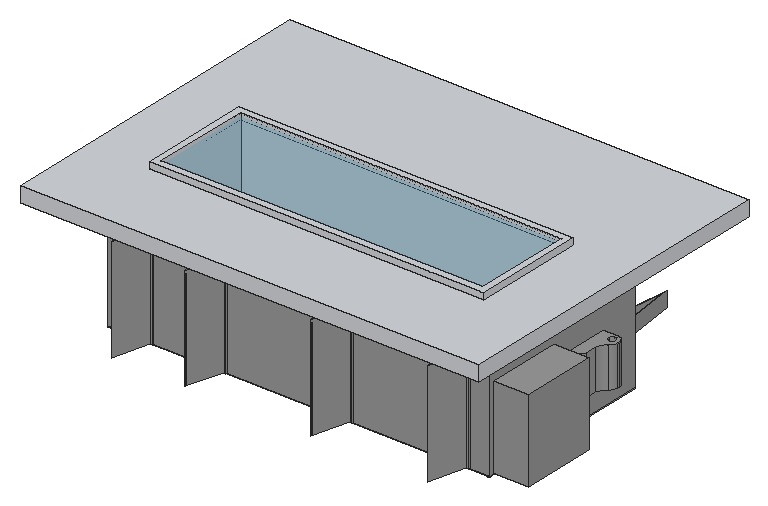
Revit family "TC-Series-WS38-WS54", category Mechanical Equipment, host Face, Revit 2019
Family settings
  Host = Face
  Round Connector Dimension = Use Diameter
  Part Type = Normal
  Cut with Voids When Loaded = Yes
  Shared = Yes
  Room Calculation Point = No
Parameters (values of type "TCWS 54D2")
  UNIT WIDTH = FACE WIDTH + 0' 8"  # 5' - 2 7/16"
  UNIT WEIGHT = 0.00 kgf
  UNIT HEIGHT = 2' - 5 3/4"
  STANDARD CONFORMANCE = ""
  SPECIFICATION = ""
  SALES INFORMATION = ""
  PRODUCT DATA = ""
  MANUFACTURER WEBSITE = ""
  MANUFACTURER PHONE-TOLL FREE = ""
  MANUFACTURER PHONE = ""
  MANUFACTURER FAX = ""
  MANUFACTURER ADDRESS = ""
  INSTALLATION FABRICATION = ""
  HVAC BTU OUTPUT = 0 Btu/h
  HEIGHT FROM GROUND [instance] = 0' - 6"
  flue connection size = 0' - 6"
  STAND OFF HEIGHT = 0' - 6"
  GREEN BUILDING LEED = ""
  FUEL TYPE = ""
  FUEL CNSUMPTION = "AS SPECIFIED"
  FRAME WIDTH = 6' - 2 3/4"
  MIN NON-COMBUSTIBLE FRAMING SUPPLIED [instance] = yes
  FRAME MATERIAL = none
  FRAME HEIGHT = 4' - 7 1/16"
  FACE WIDTH = 4' - 6 7/16"
  FACE HEIGHT = 1' - 6 3/16"
  EFFICIENCY RATING = 0.00%
  Default Elevation = 4' - 0"
  CONSTRUCTION DETAILS = ""
  BUILDING CODES = ""
Types (2): name | UNIT WIDTH | STAND OFF HEIGHT | FUEL CNSUMPTION | FRAME WIDTH | FRAME HEIGHT | FACE WIDTH | FACE HEIGHT
  TCWS 38D2 | 4' - 0 7/16" | 0' - 2" | "" | 5' - 1 5/8" | 3' - 9 1/8" | 3' - 4 7/16" | 1' - 4 3/16"
  TCWS 54D2 | 5' - 2 7/16" | 0' - 6" | "AS SPECIFIED" | 6' - 2 3/4" | 4' - 7 1/16" | 4' - 6 7/16" | 1' - 6 3/16"
Reference planes (in)
  plane 1 "Center (Front/Back)": y = 0
  plane 2: z = 0
  plane 3 "Center (Left/Right)": x = 0
  plane 4 "Face Center": y = 15.09375
  plane 5: y = 6
  plane 6: y = 24.1875
  plane 7: x = 27.21875
  plane 8: x = -27.21875
  plane 9: x = -31.21875
  plane 10: y = 2.375
  plane 11: x = 31.21875
  plane 12: y = 31.8125
  plane 13: y = -3.625
  plane 14: z = -24
  plane 15 "Face": z = -12
  plane 16: z = -13.62235
  plane 17 "Electrical Connection": x = 37.10727
  plane 18: x = 37.375
  plane 19: y = 47.3125
  plane 20: x = -37.375
  plane 21: y = -7.75
Forms (in)
  Extrusion 1, solid, material "Zinc"
    sketch origin (0, 0, 0) x (1, 0, 0) y (0, 1, 0)
      loop
        line (-31.21875, 31.8125) -> (-31.21875, 2.375) -> (31.21875, 2.375) -> (31.21875, 31.8125) -> (-31.21875, 31.8125)
      loop
        line (-27.21875, 24.1875) -> (-27.21875, 6) -> (27.21875, 6) -> (27.21875, 24.1875) -> (-27.21875, 24.1875)
    from -6.5 to -23.375
  Extrusion 2, solid, material "Zinc"
    sketch origin (1.42188, 0, 0) x (1, 0, 0) y (0, 1, 0)
      loop
        line (-28.75064, 2.375) -> (-29.22202, 2.375) -> (-29.22202, 2.24532) -> (-28.80715, 2.24532) -> (-27.21761, -3.625) -> (-25.62806, 2.24532) -> (-25.21319, 2.24532) -> (-25.21319, 2.375) -> (-25.68457, 2.375) -> (-27.21761, -3.42439) -> (-28.75064, 2.375)
      loop
        line (-16.73502, 2.375) -> (-17.2064, 2.375) -> (-17.2064, 2.24532) -> (-16.79153, 2.24532) -> (-15.20198, -3.625) -> (-13.61243, 2.24532) -> (-13.19756, 2.24532) -> (-13.19756, 2.375) -> (-13.66894, 2.375) -> (-15.20198, -3.42439) -> (-16.73502, 2.375)
      loop
        line (25.90299, 2.375) -> (24.36995, -3.42439) -> (22.83691, 2.375) -> (22.36553, 2.375) -> (22.36553, 2.24532) -> (22.7804, 2.24532) -> (24.36995, -3.625) -> (25.9595, 2.24532) -> (26.37436, 2.24532) -> (26.37436, 2.375) -> (25.90299, 2.375)
      loop
        line (6.89908, 2.375) -> (5.36604, -3.42439) -> (3.833, 2.375) -> (3.36163, 2.375) -> (3.36163, 2.24532) -> (3.7765, 2.24532) -> (5.36604, -3.625) -> (6.95559, 2.24532) -> (7.37046, 2.24532) -> (7.37046, 2.375) -> (6.89908, 2.375)
    from -6.5 to -23.375
  Extrusion 3, solid, material "Zinc"
    sketch origin (0, 0, 0) x (1, 0, 0) y (0, 1, 0)
      loop
        line (-31.21875, 31.8125) -> (-31.21875, 2.375) -> (31.21875, 2.375) -> (31.21875, 31.8125) -> (-31.21875, 31.8125)
    from -23.375 to -23.4375
  Extrusion 4, solid
    sketch origin (0, 0, 0) x (1, 0, 0) y (0, 1, 0)
      loop
        line (-27.21875, 24.1875) -> (-27.21875, 6) -> (27.21875, 6) -> (27.21875, 24.1875) -> (-27.21875, 24.1875)
      loop
        line (-26.21875, 23.1875) -> (-26.21875, 7) -> (26.21875, 7) -> (26.21875, 23.1875) -> (-26.21875, 23.1875)
    from -23.375 to 0.5
  Extrusion 5, solid, material "Zinc"
    sketch origin (0, 0, 0) x (1, 0, 0) y (0, 1, 0)
      loop
        line (31.21875, 2.875) -> (37.10727, 2.875) -> (37.10727, 15.09375) -> (31.21875, 15.09375) -> (31.21875, 2.875)
    from -9.625 to -23
  Extrusion 6, solid, material "Zinc"
    sketch origin (-27.95502, 31.8125, -2.84056) x (1, 0, 0) y (0, 0, -1)
      loop
        circle (27.94357, 10.78152) r 5
    from 0 to 0.5
  Extrusion 7, solid, material "Zinc"
    sketch origin (-27.95502, 32.3125, -2.84056) x (1, 0, 0) y (0, 0, -1)
      loop
        circle (27.94357, 10.78152) r 4
    from 0 to 0.5
  Extrusion 8, void
    sketch origin (-48.20098, 26.48579, 0) x (1, 0, 0) y (0, 1, 0)
      loop
        line (20.98223, -2.29829) -> (20.98223, -20.48579) -> (75.41973, -20.48579) -> (75.41973, -2.29829) -> (20.98223, -2.29829)
    from -23.375 to 9.24488
  Extrusion 9, solid, material "Glass"
    sketch origin (0, 0, 0) x (1, 0, 0) y (0, 1, 0)
      loop
        line (-26.21875, 23.1875) -> (-26.21875, 7) -> (26.21875, 7) -> (26.21875, 23.1875) -> (-26.21875, 23.1875)
    from 0 to -0.5
  Extrusion 10, solid, visible <- "MIN NON-COMBUSTIBLE FRAMING SUPPLIED"
    sketch origin (0, 0, 0) x (1, 0, 0) y (0, 1, 0)
      loop
        line (37.375, 47.3125) -> (-37.375, 47.3125) -> (-37.375, -7.75) -> (37.375, -7.75) -> (37.375, 47.3125)
      loop
        line (27.21875, 6) -> (27.21875, 24.1875) -> (-27.21875, 24.1875) -> (-27.21875, 6) -> (27.21875, 6)
    from -0.5 to -3
  Extrusion 11, solid, material "Zinc"
    sketch origin (-1, 0, 0) x (1, 0, 0) y (0, 1, 0)
      loop
        line (-27.60625, 31.8125) -> (-26.80083, 31.8125) -> (-25.07541, 46.25144) -> (-23.34998, 31.8125) -> (-22.54456, 31.8125) -> (-22.54456, 31.9375) -> (-23.23813, 31.9375) -> (-25.07541, 47.3125) -> (-26.91269, 31.9375) -> (-27.60625, 31.9375) -> (-27.60625, 31.8125)
      loop
        line (27.60625, 31.8125) -> (27.60625, 31.9375) -> (26.91269, 31.9375) -> (25.07541, 47.3125) -> (23.23813, 31.9375) -> (22.54456, 31.9375) -> (22.54456, 31.8125) -> (23.34998, 31.8125) -> (25.07541, 46.25144) -> (26.80083, 31.8125) -> (27.60625, 31.8125)
    from -18.5 to -21
  Extrusion 12, solid, material "Zinc"
    sketch origin (0, 0, 0) x (1, 0, 0) y (0, 1, 0)
      loop
        line (31.21875, 25.21761) -> (31.21875, 17.21186) -> (31.83937, 17.21186) -> (33.40575, 19.33682) -> (33.40575, 21.03111)
        arc (33.40575, 21.03111) -> (33.60752, 21.90023) -> (34.17156, 22.59157) r 1.97273
        arc (34.17156, 22.59157) -> (34.70729, 23.07868) -> (34.90575, 23.77502) r 1.32091
        line (34.90575, 23.77502) -> (34.90575, 24.1875)
        arc (34.90575, 24.1875) -> (34.5437, 24.92116) -> (33.78117, 25.21761) r 1.12892
        line (33.78117, 25.21761) -> (31.21875, 25.21761)
      loop
        circle (33.77059, 24.09375) r 0.625
      loop
        line (-31.21875, 25.21761) -> (-33.78117, 25.21761)
        arc (-33.78117, 25.21761) -> (-34.5437, 24.92116) -> (-34.90575, 24.1875) r 1.12892
        line (-34.90575, 24.1875) -> (-34.90575, 23.77502)
        arc (-34.90575, 23.77502) -> (-34.70729, 23.07868) -> (-34.17156, 22.59157) r 1.32091
        arc (-34.17156, 22.59157) -> (-33.60752, 21.90023) -> (-33.40575, 21.03111) r 1.97273
        line (-33.40575, 21.03111) -> (-33.40575, 19.33682) -> (-31.83937, 18.24311) -> (-31.21875, 18.24311) -> (-31.21875, 25.21761)
      loop
        circle (-33.77059, 24.09375) r 0.625
    from -18.5 to -12.0007
  Extrusion 13, solid, material "Rubble"
    sketch origin (26.21875, 7, 0) x (-1, 0, 0) y (0, 0, 1)
      loop
        line (43.21875, -4) -> (9.21875, -4) -> (9.21875, -12) -> (43.21875, -12) -> (43.21875, -4)
    from -1 to -0.5
Dimensions and locks (in)
  equal spacing: plane 8, plane 3 "Center (Left/Right)", plane 7
  "FACE HEIGHT": plane 5 to plane 6
  "FACE WIDTH": plane 8 to plane 7
  locked: plane 12 to plane 6 at 7.625
  plane 7 to plane 11 = 0' - 4"
  plane 9 to plane 8 = 0' - 4"
  "UNIT WIDTH": plane 9 to plane 11
  equal spacing: plane 9, plane 3 "Center (Left/Right)", plane 11
  locked: plane 5 to plane 10 at 3.625
  equal spacing: plane 6, plane 4 "Face Center", plane 5
  "STAND OFF HEIGHT": plane 10 to plane 13
  locked: host face to plane 14 at 24
  locked: plane 11 to plane 17 "Electrical Connection" at 5.88852
  equal spacing: plane 20, plane 3 "Center (Left/Right)", plane 18
  "FRAME WIDTH": plane 20 to plane 18
  locked: plane 12 to plane 19 at 15.5
  "FRAME HEIGHT": plane 21 to plane 19
  plane 3 "Center (Left/Right)" to Extrusion 6 = 0' - 5.01145"
  "HEIGHT FROM GROUND": plane 1 "Center (Front/Back)" to plane 5
  aligned and locked: plane 2 to host face
  aligned and locked: level to host face
  aligned and locked: plane 12 to Extrusion 1 sketch curve
  aligned and locked: Extrusion 1 sketch curve to plane 9
  aligned and locked: plane 10 to Extrusion 1 sketch curve
  aligned and locked: plane 11 to Extrusion 1 sketch curve
  aligned and locked: Extrusion 2 sketch curve to Extrusion 1
  aligned and locked: Extrusion 1 to Extrusion 2 sketch curve
  aligned and locked: Extrusion 3 sketch curve to Extrusion 1  (x4)
  aligned and locked: Extrusion 4 sketch curve to Extrusion 1  (x4)
  aligned and locked: Extrusion 5 sketch curve to plane 17 "Electrical Connection"
  aligned and locked: plane 11 to Extrusion 5 sketch curve
  aligned and locked: Extrusion 8 sketch curve to plane 8
  aligned and locked: Extrusion 8 sketch curve to plane 6
  aligned and locked: plane 7 to Extrusion 8 sketch curve
  aligned and locked: Extrusion 8 sketch curve to plane 5
  aligned and locked: Extrusion 1 to Extrusion 8
  aligned and locked: Extrusion 9 sketch curve to Extrusion 4  (x4)
  aligned and locked: Extrusion 10 sketch curve to plane 19
  aligned and locked: Extrusion 10 sketch curve to plane 20
  aligned and locked: Extrusion 10 sketch curve to plane 21
  aligned and locked: Extrusion 10 sketch curve to plane 18
  aligned and locked: Extrusion 10 sketch curve to plane 7
  aligned and locked: Extrusion 10 sketch curve to plane 6
  aligned and locked: Extrusion 10 sketch curve to plane 8
  aligned and locked: Extrusion 10 sketch curve to plane 5
  aligned and locked: plane 12 to Extrusion 11  (x2)
  aligned and locked: Extrusion 5 to plane 4 "Face Center"
Automatic sketch dimensions
  host sketch curve to host sketch curve = 6' - 7.35149"
  host sketch curve to host sketch curve = 5' - 7.69077"
  Extrusion 2 sketch curve to plane 13 = 0' - 0"  (x4)
  Extrusion 2 sketch curve to plane 10 = 0' - 0"  (x6)
  Extrusion 2 sketch curve to plane 9 = 0' - 3.4186"
  Extrusion 2 sketch curve to plane 10 = 0' - 0.12968"  (x7)
  Extrusion 2 sketch curve to Extrusion 2 sketch curve = 0' - 0.41487"  (x8)
  Extrusion 2 sketch curve to Extrusion 2 sketch curve = 0' - 0.05651"  (x8)
  Extrusion 2 sketch curve to plane 8 = 0' - 1.42302"  (x2)
  Extrusion 2 sketch curve to plane 8 = 0' - 2.95606"
  Extrusion 2 sketch curve to Extrusion 2 sketch curve = 0' - 8.00679"
  plane 13 to Extrusion 2 sketch curve = 0' - 0.20061"  (x3)
  Extrusion 2 sketch curve to Extrusion 2 sketch curve = 0' - 1.58955"  (x2)
  Extrusion 2 sketch curve to Extrusion 2 sketch curve = 0' - 0"  (x2)
  Extrusion 2 sketch curve to Extrusion 2 sketch curve = 0' - 1.53304"  (x2)
  plane 3 "Center (Left/Right)" to Extrusion 2 sketch curve = 0' - 4.7835"
  plane 7 to Extrusion 2 sketch curve = 0' - 3.43134"
  plane 7 to Extrusion 2 sketch curve = 0' - 1.42693"  (x2)
  Extrusion 2 sketch curve to plane 7 = 0' - 0.10611"
  Extrusion 2 sketch curve to Extrusion 2 sketch curve = 0' - 0.20061"
  Extrusion 2 sketch curve to Extrusion 2 sketch curve = 0' - 0.12968"
  Extrusion 1 sketch curve to plane 6 = 0' - 0"
  Extrusion 1 sketch curve to plane 8 = 0' - 0"
  Extrusion 1 sketch curve to plane 7 = 0' - 0"
  plane 5 to Extrusion 1 sketch curve = 0' - 0"
  Extrusion 4 sketch curve to plane 8 = 0' - 1"
  plane 7 to Extrusion 4 sketch curve = 0' - 1"
  Extrusion 4 sketch curve to plane 5 = 0' - 1"
  Extrusion 4 sketch curve to plane 6 = 0' - 1"
  plane 10 to Extrusion 5 sketch curve = 0' - 0 1/2"
  Extrusion 5 sketch curve to plane 4 "Face Center" = 0' - 0"
  plane 12 to Extrusion 11 sketch curve = 0' - 0"  (x4)
  plane 19 to Extrusion 11 sketch curve = 0' - 0"  (x2)
  plane 8 to Extrusion 11 sketch curve = 0' - 1.3875"
  Extrusion 11 sketch curve to plane 12 = 0' - 0 1/8"  (x4)
  plane 8 to Extrusion 11 sketch curve = 0' - 0.69394"
  Extrusion 11 sketch curve to Extrusion 11 sketch curve = 0' - 0.11186"  (x4)
  Extrusion 11 sketch curve to plane 8 = 0' - 1.14334"
  plane 19 to Extrusion 11 sketch curve = 0' - 1.06106"  (x2)
  Extrusion 11 sketch curve to Extrusion 11 sketch curve = 0' - 0"  (x2)
  Extrusion 11 sketch curve to Extrusion 11 sketch curve = 0' - 3.45085"
  Extrusion 11 sketch curve to Extrusion 11 sketch curve = 0' - 0.69356"  (x2)
  plane 7 to Extrusion 11 sketch curve = 0' - 5.67419"
  plane 7 to Extrusion 11 sketch curve = 0' - 3.14334"
  plane 7 to Extrusion 11 sketch curve = 0' - 1.41792"
  plane 7 to Extrusion 11 sketch curve = 0' - 0.6125"
  Extrusion 12 sketch curve to plane 6 = 0' - 0"  (x2)
  Extrusion 12 sketch curve to plane 9 = 0' - 0"
  Extrusion 12 sketch curve to plane 11 = 0' - 0"
  plane 9 to Extrusion 12 sketch curve = 0' - 0.62062"
  Extrusion 12 sketch curve to Extrusion 12 sketch curve = 0' - 1.56638"
  Extrusion 12 sketch curve to plane 6 = 0' - 0.41248"  (x2)
  plane 9 to Extrusion 12 sketch curve = 0' - 2.36609"
  Extrusion 12 sketch curve to plane 6 = 0' - 0 3/32"  (x2)
  Extrusion 12 sketch curve to Extrusion 12 sketch curve = 0' - 0.18576"  (x2)
  Extrusion 12 sketch curve to Extrusion 12 sketch curve = 0' - 0.01057"  (x2)
  Extrusion 12 sketch curve to Extrusion 12 sketch curve = 0' - 1.12458"  (x2)
  Extrusion 12 sketch curve to Extrusion 12 sketch curve = 0' - 1.97273"
  Extrusion 12 sketch curve to plane 11 = 0' - 0.62062"
  Extrusion 12 sketch curve to plane 11 = 0' - 2.187"
  Extrusion 12 sketch curve to plane 11 = 0' - 2.36609"
  plane 17 "Electrical Connection" to Extrusion 12 sketch curve = 0' - 1.72879"
  Extrusion 12 sketch curve to Extrusion 12 sketch curve = 0' - 2.74391"  (x2)
  Extrusion 12 sketch curve to Extrusion 12 sketch curve = 0' - 1.6943"  (x2)
  Extrusion 12 sketch curve to plane 4 "Face Center" = 0' - 2.11811"
  Extrusion 12 sketch curve to Extrusion 12 sketch curve = 0' - 1.09371"
  Extrusion 12 sketch curve to Extrusion 12 sketch curve = 0' - 0.00506"  (x2)
  Extrusion 1 to Extrusion 6 sketch curve = 0' - 7.12209"
  Extrusion 6 sketch curve to Extrusion 1 = 2' - 7.2073"
  Extrusion 13 sketch curve to Extrusion 4 = 0' - 9 7/32"
  Extrusion 4 to Extrusion 13 sketch curve = 0' - 9 7/32"
  Extrusion 4 to Extrusion 13 sketch curve = 0' - 11 3/8"
  Extrusion 4 to Extrusion 13 sketch curve = 0' - 4 1/2"
  radius of Extrusion 7 sketch curve to Extrusion 6 = 0' - 1"
  radius of Extrusion 12 sketch curve = 0' - 0 5/8"  (x2)
  radius of Extrusion 6 sketch curve = 0' - 5"
Connectors (in)
  hvac at (-0.01145, 32.8125, -13.62209), driven by "flue connection size"
    settings: on Extrusion 7, index 1, duct flow 0.0 L/s, flow factor 0, pres drop 0.0 Pa, loss coef 0, conn angle 0.00°, conn width 304.8 mm, conn height 304.8 mm, conn diameter 152.4 mm, duct sys type 3, conn prof type 0, flow config 0, flow direction 0, loss method 0, conn ref index -1, conn util no, is conn primary yes, conn desc ""
  electrical at (37.10727, 9.52783, -16.25)
    settings: on Extrusion 5, index 2, voltage 0 V, apparent load 0 VA, apparent load phase1 0 VA, apparent load phase2 0 VA, apparent load phase3 0 VA, power factor 1, load classification "Other", number of poles 1, system type 31, power factor state 1, is connector primary yes, connector utility no, sub classification motor no, connector description ""
  piping at (34.16301, 8.98438, -23), diameter 0.25
    settings: on Extrusion 5, index 3, connector inside diameter 609.6 mm, connector length 0' - 0", flow factor 0, pipe flow 0.0 L/s, pressure drop 0.0 Pa, fitting loss kfactor 0, connector angle 0.00°, fixture units 0, engagement length 0' - 0", angle of deflection 0.00°, flow configuration 0, flow direction 0, fitting loss method 0, system type 19, joint type 0, gender type 0, connector reference index -1, connector utility 0, adjustable connector no, is connector primary yes, connector description ""
